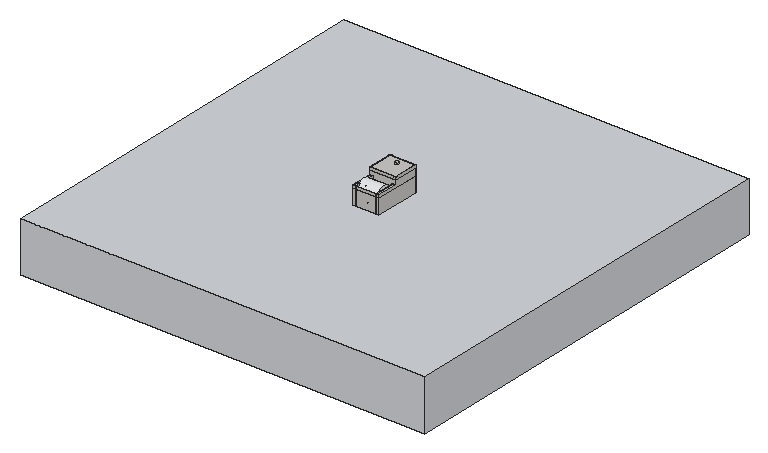
Revit family
Parameters (values of type "B-2888")
  URL = "http://www.bobrick.com"
  Type Comments = "Satin Finish"
  Product Page URL = ""
  Model = "B-2888"
  Manufacturer = "Bobrick Washroom Equipment, Inc."
  Lock Radius = 0' - 0 7/16"  # constant formula
  Finish Material = Stainless Steel - Bobrick - Satin
  Description = "Surface-Mounted Multi-Roll Toilet Tissue Dispenser"
  Default Elevation = 2' - 4"
  Assembly Code = "C1030200"
  ADA Compliant = yes
Reference planes (in)
  plane 1 "Center (Front/Back)": y = 0
  plane 2: z = 0
  plane 3 "Center (Left/Right)": x = 0
  plane 4 "Left": x = -3.03125
  plane 5 "Right": x = 3.03125
  plane 6 "Top": y = 5.5
  plane 7 "Bottom": y = -5.5
  plane 8: x = -2.34375
  plane 9: x = 2.34375
  plane 10: y = -0.6875
  plane 11: y = -5.4375
  plane 12: x = -2.96875
  plane 13: x = 2.96875
  plane 14: y = 5.4375
  plane 15: y = -0.5
  plane 16: z = 5.9375
  plane 17: z = 3.625
  plane 18: z = 5.875
  plane 19: z = 0.0625
  plane 20: z = 5.25
  plane 21: z = 3.6875
  plane 22: z = 4.25
  plane 23: y = 3.75
  plane 24: z = 6.0625
  plane 25: y = -3.0625
  plane 26: z = 2.625
Forms (in)
  Extrusion 1, solid
    sketch origin (0, 0, 0) x (1, 0, 0) y (0, 1, 0)
      loop
        line (-48, 48) -> (-48, -48) -> (48, -48) -> (48, 48) -> (-48, 48)
    from 0 to -12
  Extrusion 2, solid, material "Stainless Steel - Bobrick - Satin" <- "Finish Material"
    sketch origin (0, 0, 0) x (1, 0, 0) y (0, 1, 0)
      loop
        arc (-2.96875, 5.5) -> (-3.01294, 5.48169) -> (-3.03125, 5.4375) r 0.0625
        line (-3.03125, 5.4375) -> (-3.03125, -5.5) -> (3.03125, -5.5) -> (3.03125, 5.43791)
        arc (3.03125, 5.43791) -> (3.01306, 5.48181) -> (2.96916, 5.5) r 0.06209
        line (2.96916, 5.5) -> (-2.96875, 5.5)
      loop
        line (-2.96875, 5.4375) -> (-2.96875, -5.4375) -> (2.96875, -5.4375) -> (2.96875, 5.4375) -> (-2.96875, 5.4375)
    from 0 to 3.625
  Extrusion 3, solid, material "Stainless Steel - Bobrick - Satin" <- "Finish Material"
    sketch origin (0, 0, 0) x (1, 0, 0) y (0, 1, 0)
      loop
        line (-3.03125, 5.4375) -> (-3.03125, -5.5) -> (3.03125, -5.5) -> (3.03125, 5.43791)
        arc (3.03125, 5.43791) -> (3.01306, 5.48181) -> (2.96916, 5.5) r 0.06209
        line (2.96916, 5.5) -> (-2.96875, 5.5)
        arc (-2.96875, 5.5) -> (-3.01294, 5.48169) -> (-3.03125, 5.4375) r 0.0625
    from 0 to 0.0625
  Sweep 4, solid, material "Stainless Steel - Bobrick - Satin" <- "Finish Material"
    path origin (0, 0, 0) x (1, 0, 0) y (0, 1, 0)
      loop
        line (-3.03125, 5.5) -> (-3.03125, -0.5) -> (3.03125, -0.5) -> (3.03125, 5.5) -> (-3.03125, 5.5)
    profile origin (0, 5.5, 0) x (0, 1, 0) y (0, 0, 1)
      loop
        line (0, 5.25) -> (0, 5.875)
        arc (0, 5.875) -> (-0.01831, 5.91919) -> (-0.0625, 5.9375) r 0.0625
        line (-0.0625, 5.9375) -> (-0.3125, 5.9375) -> (-0.3125, 5.875) -> (-0.125, 5.875)
        arc (-0.125, 5.875) -> (-0.08081, 5.85669) -> (-0.0625, 5.8125) r 0.0625
        line (-0.0625, 5.8125) -> (-0.0625, 5.25) -> (0, 5.25)
  Extrusion 5, solid, material "Stainless Steel - Bobrick - Satin" <- "Finish Material"
    sketch origin (0, 0, 0) x (1, 0, 0) y (0, 1, 0)
      loop
        line (-2.71875, 5.1875) -> (-2.71875, -0.1875) -> (2.71875, -0.1875) -> (2.71875, 5.1875) -> (-2.71875, 5.1875)
    from 5.875 to 5.9375
  Extrusion 6, solid, material "Stainless Steel - Bobrick - Satin" <- "Finish Material"
    sketch origin (0, 0, 0) x (1, 0, 0) y (0, 1, 0)
      loop
        arc (-2.96875, 5.5) -> (-3.01294, 5.48169) -> (-3.03125, 5.4375) r 0.0625
        line (-3.03125, 5.4375) -> (-3.03125, -0.5) -> (3.03125, -0.5) -> (3.03125, 5.43791)
        arc (3.03125, 5.43791) -> (3.01306, 5.48181) -> (2.96916, 5.5) r 0.06209
        line (2.96916, 5.5) -> (-2.96875, 5.5)
    from 3.625 to 5.25
  Extrusion 7, solid, material "Stainless Steel - Bobrick - Satin" <- "Finish Material"
    sketch origin (0, 0, 0.5625) x (1, 0, 0) y (0, 0, 1)
      loop
        line (-2.96875, 3.625) -> (-2.41641, 3.625) -> (-2.41641, -0.5) -> (-2.34375, -0.5) -> (-2.34375, 3.625)
        arc (-2.34375, 3.625) -> (-2.36206, 3.66919) -> (-2.40625, 3.6875) r 0.0625
        line (-2.40625, 3.6875) -> (-2.96875, 3.6875) -> (-2.96875, 3.625)
      loop
        line (2.96875, 3.625) -> (2.96875, 3.6875) -> (2.40625, 3.6875)
        arc (2.40625, 3.6875) -> (2.36206, 3.66919) -> (2.34375, 3.625) r 0.0625
        line (2.34375, 3.625) -> (2.34375, -0.5) -> (2.41641, -0.5) -> (2.41641, 3.625) -> (2.96875, 3.625)
    from 0.5 to 5.4375
  Extrusion 8, solid, material "Stainless Steel - Bobrick - Satin" <- "Finish Material"
    sketch origin (0, 0, 0) x (1, 0, 0) y (0, 1, 0)
      loop
        line (-3.03211, -0.50083) -> (-3.03211, -5.5) -> (3.03125, -5.5) -> (3.03125, -0.5) -> (2.96875, -0.5) -> (2.96875, -5.4375) -> (-2.96875, -5.4375) -> (-2.96875, -0.50083) -> (-3.03211, -0.50083)
    from 3.625 to 4.25
  Extrusion 9, solid, material "Stainless Steel - Bobrick - Satin" <- "Finish Material", detail levels fine
    sketch origin (0, 0, 0) x (1, 0, 0) y (0, 1, 0)
      loop
        circle (0, 3.75) r 0.4375
    from 5.9375 to 6.0625
  Extrusion 10, solid, material "Tissue - Bobrick", detail levels medium+fine
    sketch origin (0, 0, 0) x (0, 1, 0) y (0, 0, 1)
      loop
        circle (-3.0625, 2.625) r 2.25
      loop
        circle (-3.0625, 2.625) r 0.5
    from -2.34375 to 2.34375
Cuts and joins
  joined: Sweep 4, Extrusion 5
  joined: Extrusion 6, Extrusion 7, Extrusion 8
  joined: Extrusion 2, Extrusion 3
Lines and regions (in)
  Masking region 1
    outline origin (0, 0, 6.0625) x (1, 0, 0) y (0, 1, 0)
      loop
        line (-3.03208, 5.50086) -> (-3.03208, -5.5) -> (3.03125, -5.5) -> (3.03125, 5.50086) -> (-3.03208, 5.50086)
  Masking region 2
    outline origin (0, 0, 0) x (1, 0, 0) y (0, 0, 1)
      loop
        line (3.03125, 0) -> (3.03125, 5.88019)
        spline (3.03125, 5.88019) -> (3.02932, 5.8882) -> (3.02678, 5.89587) -> (3.02366, 5.9031) -> (3.02001, 5.90981) -> (3.01586, 5.91593) -> (3.01126, 5.92138) -> (3.00626, 5.9261) -> (3.00091, 5.93004) -> (2.99529, 5.93315) -> (2.98946, 5.9354) -> (2.98348, 5.93676) -> (2.97741, 5.9375)
        line (2.97741, 5.9375) -> (-2.97723, 5.93721)
        spline (-2.97723, 5.93721) -> (-2.9832, 5.93675) -> (-2.98912, 5.93538) -> (-2.9949, 5.9331) -> (-3.00049, 5.92996) -> (-3.00583, 5.92598) -> (-3.01084, 5.92121) -> (-3.01547, 5.91571) -> (-3.01967, 5.90953) -> (-3.02338, 5.90276) -> (-3.02658, 5.89546) -> (-3.02921, 5.88773) -> (-3.03125, 5.87966)
        line (-3.03125, 5.87966) -> (-3.03125, 0) -> (3.03125, 0)
  Masking region 3
    outline origin (0, 0, 0) x (0, 1, 0) y (0, 0, 1)
      loop
        line (5.5, 0) -> (5.5, 5.875)
        arc (5.5, 5.875) -> (5.48169, 5.91919) -> (5.4375, 5.9375) r 0.0625
        line (5.4375, 5.9375) -> (-0.4375, 5.9375)
        arc (-0.4375, 5.9375) -> (-0.48169, 5.91919) -> (-0.5, 5.875) r 0.0625
        line (-0.5, 5.875) -> (-0.5, 4.25) -> (-5.5, 4.25) -> (-5.5, 0) -> (5.5, 0)
  Masking region 4, detail levels medium+fine
    outline origin (0, 0, 0) x (0, 1, 0) y (0, 0, 1)
      loop
        arc (-1.50626, 4.25) -> (-3.0625, 4.875) -> (-4.61874, 4.25) r 2.25
        line (-4.61874, 4.25) -> (-1.50626, 4.25)
  symbolic lines, style "Restroom Accessories"
    curve 1: line (-3.03125, -0.6875, 6.0625) -> (-2.34375, -0.6875, 6.0625)
    curve 2: line (-2.34375, -0.6875, 6.0625) -> (-2.34375, -5.5, 6.0625)
    curve 3: line (2.34375, -5.5, 6.0625) -> (2.34375, -0.6875, 6.0625)
    curve 4: line (2.34375, -0.6875, 6.0625) -> (3.03125, -0.6875, 6.0625)
    curve 5: line (-3.03211, -0.50083, 6.0625) -> (3.03125, -0.50083, 6.0625)
    curve 6: line (2.96875, -0.6875, 6.0625) -> (2.96875, -0.50083, 6.0625)
    curve 7: line (-2.96875, -0.6875, 6.0625) -> (-2.96875, -0.50083, 6.0625)
    curve 12: line (0, 5.5, 3.6875) -> (0, -5.5, 3.6875)
    curve 13: line (0, 5.5, 5.25) -> (0, -0.5, 5.25)
  symbolic lines, style "Restroom Accessories", detail levels fine
    curve 8: arc (0.4375, 3.75, 6.0625) -> (0, 4.1875, 6.0625) -> (-0.4375, 3.75, 6.0625) r 0.4375
    curve 9: arc (-0.4375, 3.75, 6.0625) -> (0, 3.3125, 6.0625) -> (0.4375, 3.75, 6.0625) r 0.4375
  symbolic lines, style "Restroom Accessories", detail levels medium+fine
    curve 10: line (-2.34375, -5.3125, 6.0625) -> (2.34375, -5.3125, 6.0625)
    curve 11: line (-2.34375, -0.8125, 6.0625) -> (2.34375, -0.8125, 6.0625)
Dimensions and locks (in)
  equal spacing: plane 4 "Left", plane 3 "Center (Left/Right)", plane 5 "Right"
  locked: plane 4 "Left" to plane 5 "Right" at 6.0625
  equal spacing: plane 6 "Top", plane 1 "Center (Front/Back)", plane 7 "Bottom"
  locked: plane 6 "Top" to plane 7 "Bottom" at 11
  locked: plane 4 "Left" to plane 8 at 0.6875
  locked: plane 9 to plane 5 "Right" at 0.6875
  locked: plane 7 "Bottom" to plane 10 at 4.8125
  locked: plane 7 "Bottom" to plane 11 at 0.0625
  locked: plane 4 "Left" to plane 12 at 0.0625
  locked: plane 13 to plane 5 "Right" at 0.0625
  locked: plane 6 "Top" to plane 14 at 0.0625
  locked: plane 6 "Top" to plane 15 at 6
  locked: plane 16 to level at 5.9375
  locked: plane 16 to plane 18 at 0.0625
  locked: plane 19 to level at 0.0625
  locked: plane 16 to plane 20 at 0.6875
  locked: plane 18 to plane 17 at 2.25
  plane 17 to level = 0' - 3 5/8"
  locked: plane 21 to plane 17 at 0.0625
  plane 22 to plane 17 = 0' - 0 5/8"
  locked: Extrusion 7 sketch curve to Extrusion 7 sketch curve at 0.07266  (x2)
  Extrusion 7 sketch curve to Extrusion 7 sketch curve = 0' - 0.07266"
  locked: plane 24 to plane 16 at 0.125
  locked: plane 23 to Extrusion 9 sketch curve at 0
  locked: plane 3 "Center (Left/Right)" to Extrusion 9 sketch curve at 0
  locked: plane 25 to Extrusion 10 sketch curve  (x2)
  locked: plane 26 to Extrusion 10 sketch curve at 0  (x2)
  locked: plane 22 to Extrusion 7 sketch curve at 0.0625
  locked: plane 6 "Top" to Sweep 4 sketch curve at 0.3125
  "Lock Radius": radius of Extrusion 9 sketch curve
  aligned and locked: plane 2 to Extrusion 1
  aligned and locked: level to Extrusion 1
  aligned and locked: Extrusion 2 sketch curve to plane 6 "Top"
  aligned and locked: Extrusion 2 sketch curve to plane 4 "Left"
  aligned and locked: Extrusion 2 sketch curve to plane 7 "Bottom"
  aligned and locked: Extrusion 2 sketch curve to plane 5 "Right"
  aligned and locked: plane 14 to Extrusion 2 sketch curve
  aligned and locked: Extrusion 2 sketch curve to plane 12
  aligned and locked: Extrusion 2 sketch curve to plane 11
  aligned and locked: plane 13 to Extrusion 2 sketch curve
  aligned and locked: Extrusion 2 to level
  aligned and locked: Extrusion 3 sketch curve to Extrusion 2  (x2)
  aligned and locked: Extrusion 3 to level
  aligned and locked: plane 19 to Extrusion 3
  aligned and locked: plane 17 to Extrusion 2
  aligned and locked: Sweep 4 sketch curve to plane 4 "Left"
  aligned and locked: Sweep 4 sketch curve to plane 15
  aligned and locked: plane 6 "Top" to Sweep 4 sketch curve
  aligned and locked: plane 16 to Sweep 4 sketch curve
  aligned and locked: plane 20 to Sweep 4 sketch curve
  aligned and locked: Sweep 4 sketch curve to plane 14
  aligned and locked: plane 18 to Sweep 4 sketch curve
  aligned and locked: Extrusion 5 sketch curve to Sweep 4  (x4)
  aligned and locked: Extrusion 5 to plane 18
  aligned and locked: plane 16 to Extrusion 5
  aligned and locked: Extrusion 6 sketch curve to cut or joined group of Sweep 4, Extrusion 5  (x2)
  aligned and locked: plane 20 to Extrusion 6
  aligned: Extrusion 6 to plane 21
  aligned and locked: Extrusion 6 to plane 17
  aligned and locked: Extrusion 7 sketch curve to plane 19
  aligned and locked: plane 19 to Extrusion 7 sketch curve
  aligned and locked: plane 22 to Extrusion 7 sketch curve
  aligned and locked: plane 9 to Extrusion 7 sketch curve
  aligned and locked: plane 8 to Extrusion 7 sketch curve
  aligned and locked: Extrusion 7 sketch curve to plane 22
  aligned and locked: Extrusion 7 sketch curve to plane 12
  aligned and locked: Extrusion 7 sketch curve to plane 13
  aligned and locked: Extrusion 8 sketch curve to cut or joined group of Sweep 4, Extrusion 5  (x2)
  aligned and locked: Extrusion 8 sketch curve to plane 13
  aligned and locked: Extrusion 8 to plane 17
  aligned and locked: plane 22 to Extrusion 8
  aligned and locked: plane 11 to Extrusion 7
  aligned and locked: Extrusion 9 to plane 16
  aligned and locked: plane 24 to Extrusion 9
  aligned and locked: plane 8 to Extrusion 10
  aligned and locked: Extrusion 10 to plane 9
  aligned and locked: Masking region 1 sketch curve to cut or joined group of Sweep 4, Extrusion 5  (x2)
  aligned and locked: plane 10 to curve 1
  aligned and locked: curve 5 to cut or joined group of Sweep 4, Extrusion 5
  aligned and locked: curve 8 to Extrusion 9
  aligned and locked: curve 9 to Extrusion 9
  aligned and locked: Extrusion 1 to Masking region 2 sketch curve
  aligned and locked: Masking region 2 sketch curve to plane 16
  aligned and locked: Masking region 3 sketch curve to cut or joined group of Sweep 4, Extrusion 5  (x2)
  aligned and locked: plane 21 to curve 12
  aligned and locked: curve 13 to cut or joined group of Sweep 4, Extrusion 5
  aligned and locked: Masking region 4 sketch curve to Extrusion 10
  aligned and locked: Extrusion 8 sketch curve to plane 7 "Bottom"
  aligned and locked: plane 7 "Bottom" to Extrusion 3 sketch curve
  aligned and locked: Extrusion 6 sketch curve to plane 6 "Top"
  aligned and locked: Extrusion 6 sketch curve to plane 5 "Right"
  aligned and locked: plane 11 to Extrusion 8 sketch curve
  aligned and locked: plane 12 to Extrusion 8 sketch curve
  aligned and locked: Extrusion 8 sketch curve to plane 15
  aligned and locked: cut or joined group of Extrusion 6, Extrusion 7, Extrusion 8 to plane 15
  aligned and locked: Extrusion 8 sketch curve to plane 5 "Right"
  aligned and locked: Extrusion 7 sketch curve to Extrusion 7 sketch curve
Automatic sketch dimensions
  Extrusion 1 sketch curve to Extrusion 1 sketch curve = 8' - 0"  (x2)
  Extrusion 2 sketch curve to plane 12 = 0' - 0"
  Extrusion 2 sketch curve to plane 13 = 0' - 0.00041"
  Sweep 4 sketch curve to plane 5 "Right" = 0' - 0"
  Sweep 4 sketch curve to plane 6 "Top" = 0' - 0"
  Extrusion 6 sketch curve to plane 12 = 0' - 0"
  Extrusion 6 sketch curve to plane 13 = 0' - 0.00041"
  Extrusion 7 sketch curve to plane 9 = 0' - 0 1/16"
  Extrusion 7 sketch curve to Extrusion 7 sketch curve = 0' - 0"
  curve 1 to curve 7 = 0' - 0 1/16"
  curve 5 to curve 7 = 0' - 0.06336"
  curve 3 to curve 6 = 0' - 0 5/8"
  curve 6 to curve 4 = 0' - 0 1/16"
  curve 6 to curve 5 = 0' - 0 1/16"
  curve 4 to curve 5 = 0' - 0.18667"
  curve 11 to curve 3 = 0' - 0 1/8"
  curve 10 to curve 11 = 0' - 4 1/2"
  curve 3 to curve 10 = 0' - 0 3/16"
  curve 2 to curve 10 = 0' - 0 3/16"
  Masking region 2 sketch curve to plane 13 = 0' - 0.00866"
  Masking region 2 sketch curve to plane 13 = 0' - 0 1/128"
  Masking region 2 sketch curve to plane 16 = 0' - 0.0003"  (x2)
  Masking region 2 sketch curve to Masking region 2 sketch curve = 0' - 0.0009"
  plane 18 to Masking region 2 sketch curve = 0' - 0.00519"
  Masking region 2 sketch curve to plane 16 = 0' - 0"
  Masking region 2 sketch curve to Masking region 2 sketch curve = 0' - 0"  (x2)
  plane 18 to Masking region 2 sketch curve = 0' - 0.00466"
  plane 12 to Masking region 2 sketch curve = 0' - 0.00937"
  plane 12 to Masking region 2 sketch curve = 0' - 0.00848"
  Masking region 2 sketch curve to Masking region 2 sketch curve = 0' - 0.00085"
  curve 12 to plane 7 "Bottom" = 0' - 0"
  curve 13 to plane 15 = 0' - 0"
  curve 13 to plane 6 "Top" = 0' - 0"
  curve 12 to plane 6 "Top" = 0' - 0"
  Masking region 4 sketch curve to plane 22 = 0' - 0"
  curve 7 to curve 1 = 0' - 0 5/8"
  curve 1 to curve 4 = 0' - 4 11/16"
  Masking region 1 sketch curve to Masking region 1 sketch curve = 0' - 6.06333"
  Masking region 1 sketch curve to Masking region 1 sketch curve = 0' - 11.00086"
  Masking region 3 sketch curve to plane 7 "Bottom" = 0' - 0"
  Masking region 3 sketch curve to plane 22 = 0' - 0"
  curve 2 to curve 9 = 0' - 1 29/32"
  plane 4 "Left" to Masking region 2 sketch curve = 0' - 0"
  Masking region 2 sketch curve to plane 5 "Right" = 0' - 0"
  Masking region 3 sketch curve to level = 0' - 0"
  Sweep 4 sketch curve to Sweep 4 sketch curve = 0' - 0 1/16"
  Sweep 4 sketch curve to Sweep 4 sketch curve = 0' - 0"
  radius of Extrusion 10 sketch curve = 0' - 2 1/4"
  radius of Extrusion 10 sketch curve = 0' - 0 1/2"
